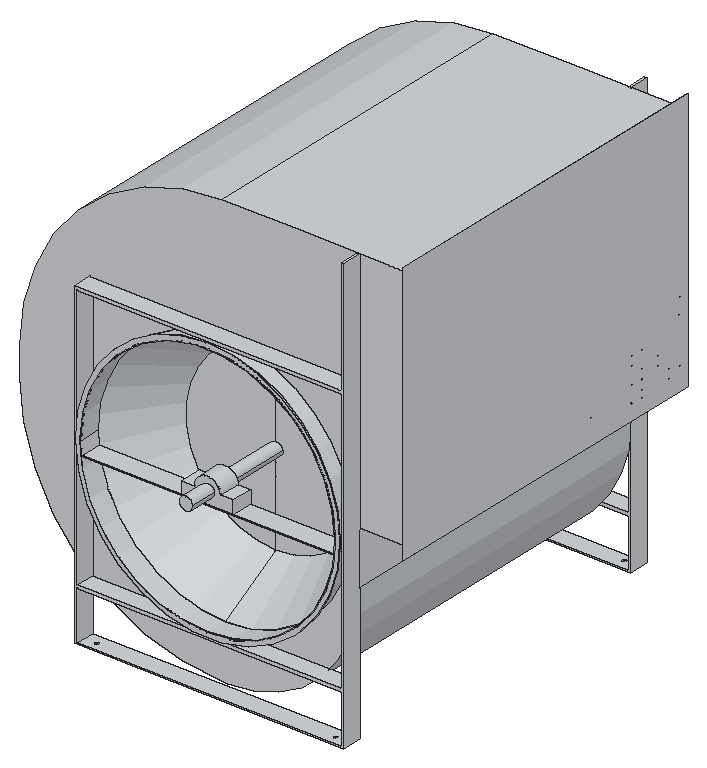
Revit family "CAF_DWDI_CW_THD", category Mechanical Equipment, Revit 2019
Family settings
  Round Connector Dimension = Use Radius
  Part Type = Normal
  Work Plane-Based = No
  Always vertical = Yes
  Cut with Voids When Loaded = No
  Shared = No
  Room Calculation Point = No
Parameters (values of type "730_CAF-DWDI_CW_THD_CLASS_2")
  V+(D-(A+.25"))/2 = V + ((D - (A + 1/4")) / 2)  # 6 1/16"
  V = 3 7/16"
  Unit Weight [instance] = ""
  U-N = U - N  # 5/8"
  U = 9 5/8"
  T/2 = T / 2  # 55 13/16"
  T = 111 5/8"
  Sones [instance] = ""
  SCROLL2 = 41 25/32"
  S/2 = S / 2  # 37"
  S = 74"
  R/2 = R / 2  # 41 25/32"
  R = 83 9/16"
  P = 126 3/4"
  N = 9"
  Motor RPM [instance] = ""
  Motor Enclosure [instance] = ""
  ModelID [instance] = ""
  M = 117 1/8"
  LwA [instance] = ""
  L = 58 9/16"
  K/2 = K / 2  # 17/32"
  K = 1 1/16"
  J = 63 1/2"
  INLET/4 = INLET / 4  # 19 3/4"
  INLET/2 = INLET / 2  # 39 1/2"
  INLET = 79"
  H-J = H - J  # 57 1/4"
  H = 120 3/4"
  G-(R/2) = G - (R / 2)  # 15 13/32"
  G-(INLET/2)-1.625" = G - (INLET / 2) - 1 1/2"  # 16 3/16"
  G+(INLET/2)+1.625" = G + (INLET / 2) + 1 1/2"  # 98 3/16"
  G = 57 3/16"
  Fan RPM [instance] = ""
  F-((D-A-.25")/2) = F - ((D - A - 1/4") / 2)  # 134 9/16"
  F = 137 3/16"
  E/2 = E / 2  # 55 1/16"
  E = 110 1/8"
  D/2 = D / 2  # 40 21/32"
  D = 81 5/16"
  C/2 = C / 2  # 1 31/32"
  C+C = C + C  # 7 7/8"
  C = 3 15/16"
  BOTTOM = J / 2  # 31 3/4"
  B/2 = B / 2  # 52 3/8"
  B+.25" = B + 1/4"  # 105"
  B = 104 3/4"
  Accessories [instance] = ""
  A/2 = A / 2  # 37 29/32"
  A+.25" = A + 1/4"  # 76 1/16"
  A = 75 13/16"
  60 = 60.00°  # constant formula
  3" = 3"  # constant formula
  Brake Hp [instance] = ""
  D/7 = D / 9.5  # 8.55921"
  2' = 24"
  2" = 2"  # constant formula
  1" = 1"  # constant formula
  0 = 0"  # constant formula
  Voltage [instance] = 0 V
  URL = "www.lorencook.com"
  Type Comments = "Centrifugal Airfoil Blower Clockwise Top Horizontal Arrangement 3 Low Profile Class 2"
  Static Pressure [instance] = 0.00 in-wg
  Power [instance] = Voltage * Motor FLA * sqrt(if(Phase = 3, 3, 1))  # 0 VA
  Phase [instance] = 0
  Number of Poles [instance] = 1
  Motor Hp [instance] = "0"
  Motor FLA [instance] = 0 A
  Model = "CAF-DWDI"  # constant formula
  Manufacturer = "Loren Cook Company"
  CFM [instance] = 0 CFM
  1.5 = 1 1/2"  # constant formula
  ONE EIGTH = 1/8"  # constant formula
  -P = -P  # -126 3/4"
  -(B+.25")/2 = -(B + 1/4") / 2  # -52 1/2"
  (M-(B+.25")/2 = (M - (B + 1/4")) / 2  # 6 1/16"
  (INLET/2)-.125" = (INLET / 2) - 1/8"  # 39 3/8"
  (INLET/2)+1.625" = (INLET / 2) + 1 1/2"  # 41"
  (INLET/2)+1.5" = (INLET / 2) + 1 7/16"  # 40 15/16"
  (D-(A+.25"))/2 = (D - (A + 1/4")) / 2  # 2 5/8"
  (B+.25")/2 = (B + 1/4") / 2  # 52 1/2"
  (A+.25")/2 = (A + 1/4") / 2  # 38 1/32"
  ((M+U+U+N+N)-((B+.25")/2))/2 = ((M + U + U - N - N) - ((B + 1/4"))) / 2  # 6 11/16"
Reference planes (in)
  plane 1 "Center (Front/Back)": y = 0
  plane 2: z = 0
  plane 3 "Center (Left/Right)": x = 0.40541
Forms (in)
  Extrusion 1, solid
    sketch origin (0, 0, 0) x (1, 0, 0) y (0, 0, 1)
      loop
        line (-63.09459, 1) -> (42.18666, 1) -> (42.18666, 58.5) -> (57.65541, 58.5) -> (57.65541, 134.5625) -> (-63.09459, 134.5625) -> (-63.09459, 1)
    from -52.5 <- "-(B+.25")/2" to 52.5 <- "(B+.25")/2"
  Revolve 2, void
    sketch origin (0.40541, 0, 0) x (0, 1, 0) y (0, 0, 1)
      loop
        line (52.5, 57.1875) -> (32.75, 57.1875) -> (32.75, 29.09017) -> (52.5, 17.6875) -> (52.5, 57.1875)
      loop
        line (-32.75, 57.1875) -> (-52.5, 57.1875) -> (-52.5, 17.6875) -> (-32.75, 29.09017) -> (-32.75, 57.1875)
      axis (52.5, 57.1875) -> (-52.5, 57.1875)
    angle from 0 to 360
  Extrusion 3, solid
    sketch origin (0, -52.5, 0) x (1, 0, 0) y (0, 0, 1)
      loop
        circle (0.40541, 57.1875) r 39.375
      loop
        circle (0.40541, 57.1875) r 39.5
    from 0 <- "0" to 6.6875 <- "((M+U+U+N+N)-((B+.25")/2))/2"
  Extrusion 4, solid
    sketch origin (0, 52.5, 0) x (-1, 0, 0) y (0, 0, 1)
      loop
        circle (-0.40541, 57.1875) r 39.375
      loop
        circle (-0.40541, 57.1875) r 39.5
    from 0 to 6.6875 <- "((M+U+U+N+N)-((B+.25")/2))/2"
  Extrusion 5, solid
    sketch origin (0, 52.5, 0) x (-1, 0, 0) y (0, 0, 1)
      loop
        line (-42.18666, 0) -> (41.37584, 0) -> (41.37584, 98.96875) -> (-41.40541, 98.96875) -> (-41.40541, 134.5625) -> (-42.18666, 134.5625) -> (-42.18666, 0)
      loop
        line (40.59459, 98.1875) -> (-41.40541, 98.1875) -> (-41.40541, 16.1875) -> (40.59459, 16.1875) -> (40.59459, 98.1875)
      loop
        line (-41.40541, 15.40625) -> (-41.40541, 0.125) -> (40.59459, 0.125) -> (40.59459, 15.40625) -> (-41.40541, 15.40625)
    from 0 to 6.0625 <- "(M-(B+.25")/2"
  Extrusion 6, solid
    sketch origin (0, -52.5, 0) x (1, 0, 0) y (0, 0, 1)
      loop
        line (-41.37584, 98.96875) -> (-41.37584, 0) -> (42.18666, 0) -> (42.18666, 134.5625) -> (41.40541, 134.5625) -> (41.40541, 98.96875) -> (-41.37584, 98.96875)
      loop
        line (41.40541, 0.125) -> (41.40541, 15.40625) -> (-40.59459, 15.40625) -> (-40.59459, 0.125) -> (41.40541, 0.125)
      loop
        line (-40.59459, 16.1875) -> (41.40541, 16.1875) -> (41.40541, 98.1875) -> (-40.59459, 98.1875) -> (-40.59459, 16.1875)
    from 0 to 6.0625 <- "(M-(B+.25")/2"
  Extrusion 7, solid
    sketch origin (0, -52.5, 0) x (1, 0, 0) y (0, 0, 1)
      loop
        arc (-38.77222, 53.25) -> (-38.76589, 53.18749) -> (-38.75945, 53.125) r 39.375
        line (-38.75945, 53.125) -> (39.57028, 53.125)
        arc (39.57028, 53.125) -> (39.57671, 53.18749) -> (39.58304, 53.25) r 39.375
        line (39.58304, 53.25) -> (-38.77222, 53.25)
    from 0 to 6.6875 <- "((M+U+U+N+N)-((B+.25")/2))/2"
  Extrusion 8, solid
    sketch origin (0, 52.5, 0) x (-1, 0, 0) y (0, 0, 1)
      loop
        arc (-39.58304, 53.25) -> (-39.57671, 53.18749) -> (-39.57028, 53.125) r 39.375
        line (-39.57028, 53.125) -> (38.75945, 53.125)
        arc (38.75945, 53.125) -> (38.76589, 53.18749) -> (38.77222, 53.25) r 39.375
        line (38.77222, 53.25) -> (-39.58304, 53.25)
    from 0 to 6.6875 <- "((M+U+U+N+N)-((B+.25")/2))/2"
  Extrusion 9, solid
    sketch origin (0, -52.5, 0) x (1, 0, 0) y (0, 0, 1)
      loop
        arc (4.34291, 57.1875) -> (0.40541, 61.125) -> (-3.53209, 57.1875) r 3.9375
        line (-3.53209, 57.1875) -> (-7.46959, 57.1875) -> (-7.46959, 53.25) -> (8.28041, 53.25) -> (8.28041, 57.1875) -> (4.34291, 57.1875)
    from 0 to 6.6875 <- "((M+U+U+N+N)-((B+.25")/2))/2"
  Extrusion 10, solid
    sketch origin (0, 52.5, 0) x (-1, 0, 0) y (0, 0, 1)
      loop
        arc (3.53209, 57.1875) -> (-0.40541, 61.125) -> (-4.34291, 57.1875) r 3.9375
        line (-4.34291, 57.1875) -> (-8.28041, 57.1875) -> (-8.28041, 53.25) -> (7.46959, 53.25) -> (7.46959, 57.1875) -> (3.53209, 57.1875)
    from 0 to 6.6875 <- "((M+U+U+N+N)-((B+.25")/2))/2"
  Extrusion 11, solid
    sketch origin (0, 59.1875, 0) x (-1, 0, 0) y (0, 0, 1)
      loop
        circle (-0.40541, 57.1875) r 1.96875
    from 0 to -126.75 <- "-P"
  Extrusion 12, solid
    sketch origin (0, 59.1875, 0) x (-1, 0, 0) y (0, 0, 1)
      loop
        circle (-0.40541, 57.1875) r 39.5
      loop
        circle (-0.40541, 57.1875) r 40.9375
    from 0 to -0.125
  Extrusion 13, solid
    sketch origin (0, -59.1875, 0) x (1, 0, 0) y (0, 0, 1)
      loop
        circle (0.40541, 57.1875) r 39.5
      loop
        circle (0.40541, 57.1875) r 40.9375
    from 0 to -0.125
  Extrusion 14, void
    sketch origin (0, 0, 0) x (1, 0, 0) y (0, 1, 0)
      loop
        circle (37.40541, 55.8125) r 0.53125
      loop
        circle (-36.59459, 55.8125) r 0.53125
      loop
        circle (-36.59459, -55.8125) r 0.53125
      loop
        circle (37.40541, -55.8125) r 0.53125
    from 0 to 0.125
  Extrusion 15, void
    sketch origin (0, 0, 0) x (1, 0, 0) y (0, 0, 1)
      loop
        line (25.90541, 134.5625) -> (25.90541, 137.5625) -> (-66.09459, 137.5625) -> (-66.09459, -3) -> (57.65541, -3) -> (57.65541, 58.5) -> (42.18666, 58.5) -> (42.18666, 41.78125)
        arc (42.18666, 41.78125) -> (30.24211, 12.94455) -> (1.40541, 1) r 40.78125
        line (1.40541, 1) -> (-0.59459, 1)
        arc (-0.59459, 1) -> (-44.78876, 19.30583) -> (-63.09459, 63.5) r 62.5
        line (-63.09459, 63.5) -> (-63.09459, 72.0625)
        arc (-63.09459, 72.0625) -> (-44.78876, 116.25667) -> (-0.59459, 134.5625) r 62.5
        line (-0.59459, 134.5625) -> (25.90541, 134.5625)
    from -52.5 <- "-(B+.25")/2" to 52.5 <- "(B+.25")/2"
  Extrusion 16, solid
    sketch origin (57.65541, 0, 58.5) x (0, 0, 1) y (0, -1, 0)
      loop
        line (78.6875, 55.0625) -> (-2.625, 55.0625) -> (-2.625, -55.0625) -> (78.6875, -55.0625) -> (78.6875, 55.0625)
    from 0 to -0.125
Cuts and joins
  Revolve 2, Extrusion 15 cuts Extrusion 1
  Extrusion 14, Extrusion 15 cuts Extrusion 5
  Extrusion 14, Extrusion 15 cuts Extrusion 6
  Extrusion 15 cuts Extrusion 3
  Extrusion 15 cuts Extrusion 4
  Extrusion 15 cuts Extrusion 7
  Extrusion 15 cuts Extrusion 8
  Extrusion 15 cuts Extrusion 9
  Extrusion 15 cuts Extrusion 10
  Extrusion 15 cuts Extrusion 11
Dimensions and locks (in)
  "J": plane 3 "Center (Left/Right)" to Extrusion 1 sketch curve
  "F-((D-A-.25")/2)": Extrusion 1 sketch curve to level
  "0": Revolve 2 sketch curve to cut or joined group of Extrusion 1, Revolve 2, Extrusion 15  (x2)
  "INLET/4": cut or joined group of Extrusion 1, Revolve 2, Extrusion 15 to Revolve 2 sketch curve
  "G": level to Revolve 2 sketch curve  (x2)
  "INLET/2": Revolve 2 sketch curve to Revolve 2 sketch curve  (x2)
  "G": Revolve 2 sketch curve to level
  "INLET/4": Revolve 2 sketch curve to Revolve 2 sketch curve
  "0": Extrusion 3 sketch curve to plane 3 "Center (Left/Right)"  (x2)
  "G": Extrusion 3 sketch curve to level  (x2)
  "G": level to Extrusion 4 sketch curve  (x2)
  "0": Extrusion 4 sketch curve to plane 3 "Center (Left/Right)"  (x2)
  "R/2": Extrusion 5 sketch curve to plane 3 "Center (Left/Right)"
  "R/2": plane 3 "Center (Left/Right)" to Extrusion 5 sketch curve
  "R": Extrusion 5 sketch curve to Extrusion 5 sketch curve
  "G-(R/2)": level to Extrusion 5 sketch curve
  "ONE EIGTH": Extrusion 5 sketch curve to Extrusion 5 sketch curve
  "0": Extrusion 6 sketch curve to Extrusion 5  (x3)
  "0": Extrusion 5 to Extrusion 6 sketch curve  (x3)
  "0": Extrusion 7 sketch curve to plane 3 "Center (Left/Right)"  (x2)
  "G": Extrusion 7 sketch curve to level  (x2)
  "C": Extrusion 7 sketch curve to Extrusion 7 sketch curve
  "ONE EIGTH": Extrusion 7 sketch curve to Extrusion 7 sketch curve
  "0": Extrusion 8 sketch curve to plane 3 "Center (Left/Right)"  (x2)
  "G": level to Extrusion 8 sketch curve  (x2)
  "C": Extrusion 8 sketch curve to Extrusion 8 sketch curve
  "ONE EIGTH": Extrusion 8 sketch curve to Extrusion 8 sketch curve
  "0": Extrusion 9 sketch curve to Extrusion 7
  "G": Extrusion 9 sketch curve to level
  "0": Extrusion 9 sketch curve to Extrusion 9 sketch curve  (x2)
  "C+C": Extrusion 9 sketch curve to plane 3 "Center (Left/Right)"  (x2)
  "0": Extrusion 8 to Extrusion 10 sketch curve
  "0": Extrusion 10 sketch curve to Extrusion 10 sketch curve  (x2)
  "0": Extrusion 10 sketch curve to plane 3 "Center (Left/Right)"
  "G": level to Extrusion 10 sketch curve
  "C+C": Extrusion 10 sketch curve to plane 3 "Center (Left/Right)"
  "C+C": plane 3 "Center (Left/Right)" to Extrusion 10 sketch curve
  "0": Extrusion 11 sketch curve to plane 3 "Center (Left/Right)"
  "G": level to Extrusion 11 sketch curve
  "0": level to Extrusion 5 sketch curve
  "0": plane 3 "Center (Left/Right)" to Extrusion 9 sketch curve
  "(INLET/2)+1.625"": plane 3 "Center (Left/Right)" to Extrusion 6 sketch curve  (x2)
  "(INLET/2)+1.625"": Extrusion 6 sketch curve to plane 3 "Center (Left/Right)"  (x3)
  "G+(INLET/2)+1.625"": Extrusion 6 sketch curve to level
  "G-(INLET/2)-1.625"": Extrusion 6 sketch curve to level
  "(INLET/2)+1.625"": Extrusion 5 sketch curve to plane 3 "Center (Left/Right)"  (x2)
  "(INLET/2)+1.625"": plane 3 "Center (Left/Right)" to Extrusion 5 sketch curve  (x3)
  "G-(INLET/2)-1.625"": level to Extrusion 5 sketch curve
  "G+(INLET/2)+1.625"": level to Extrusion 5 sketch curve
  "0": Extrusion 12 sketch curve to plane 3 "Center (Left/Right)"  (x2)
  "G": level to Extrusion 12 sketch curve  (x2)
  "0": Extrusion 13 sketch curve to plane 3 "Center (Left/Right)"  (x2)
  "G": Extrusion 13 sketch curve to level  (x2)
  "1"": Extrusion 1 sketch curve to level
  "T/2": plane 1 "Center (Front/Back)" to Extrusion 14 sketch curve  (x4)
  "S/2": plane 3 "Center (Left/Right)" to Extrusion 14 sketch curve  (x4)
  "A+.25"": Extrusion 1 sketch curve to Extrusion 1 sketch curve
  "H": Extrusion 1 sketch curve to Extrusion 1 sketch curve
  "0": Extrusion 6 sketch curve to cut or joined group of Extrusion 1, Revolve 2, Extrusion 15
  "0": Extrusion 5 sketch curve to cut or joined group of Extrusion 1, Revolve 2, Extrusion 15
  Extrusion 5 sketch curve to cut or joined group of Extrusion 5, Extrusion 14, Extrusion 15 = 0"
  "3"": Extrusion 15 sketch curve to cut or joined group of Extrusion 1, Revolve 2, Extrusion 15  (x2)
  "3"": level to Extrusion 15 sketch curve
  "0": cut or joined group of Extrusion 1, Revolve 2, Extrusion 15 to Extrusion 15 sketch curve  (x2)
  "BOTTOM": cut or joined group of Extrusion 1, Revolve 2, Extrusion 15 to Extrusion 15 sketch curve
  "0": Extrusion 15 sketch curve to cut or joined group of Extrusion 1, Revolve 2, Extrusion 15  (x4)
  "F": level to Extrusion 16 sketch curve
  "D": Extrusion 16 sketch curve to Extrusion 16 sketch curve
  "E/2": Extrusion 16 sketch curve to plane 1 "Center (Front/Back)"
  "E/2": plane 1 "Center (Front/Back)" to Extrusion 16 sketch curve
  "SCROLL2": Extrusion 1 sketch curve to plane 3 "Center (Left/Right)"
  "1"": Extrusion 15 sketch curve to plane 3 "Center (Left/Right)"
  "1"": plane 3 "Center (Left/Right)" to Extrusion 15 sketch curve  (x2)
  "INLET/2": radius of Extrusion 3 sketch curve
  "(INLET/2)-.125"": radius of Extrusion 3 sketch curve
  "INLET/2": radius of Extrusion 4 sketch curve
  "(INLET/2)-.125"": radius of Extrusion 4 sketch curve
  "(INLET/2)-.125"": radius of Extrusion 7 sketch curve  (x2)
  "(INLET/2)-.125"": radius of Extrusion 8 sketch curve  (x2)
  "C": radius of Extrusion 9 sketch curve
  "C": radius of Extrusion 10 sketch curve
  "C/2": radius of Extrusion 11 sketch curve
  "(INLET/2)+1.5"": radius of Extrusion 12 sketch curve
  "INLET/2": radius of Extrusion 12 sketch curve
  "(INLET/2)+1.5"": radius of Extrusion 13 sketch curve
  "INLET/2": radius of Extrusion 13 sketch curve
  "K/2": radius of Extrusion 14 sketch curve  (x4)
  "60": angle Revolve 2 sketch curve to cut or joined group of Extrusion 1, Revolve 2, Extrusion 15
  "60": angle cut or joined group of Extrusion 1, Revolve 2, Extrusion 15 to Revolve 2 sketch curve
Automatic sketch dimensions
  Revolve 2 sketch curve to Revolve 2 sketch curve = 0"  (x2)
Connectors (in)
  hvac at (0.40541, -59.0625, 57.1875), driven by "INLET/2"
    settings: on Extrusion 13, index 2, duct flow 0 CFM, flow factor 0, pres drop 0.00 in-wg, loss coef 0, conn angle 0.00°, conn width 12", conn height 12", conn diameter 79", duct sys type 29, conn prof type 0, flow config 0, flow direction 1, loss method 0, conn ref index -1, conn util no, is conn primary no, conn desc ""
  hvac at (0.40541, 59.1875, 57.1875), driven by "INLET/2"
    settings: on Extrusion 4, index 3, duct flow 0 CFM, flow factor 0, pres drop 0.00 in-wg, loss coef 0, conn angle 0.00°, conn width 12", conn height 12", conn diameter 79", duct sys type 29, conn prof type 0, flow config 0, flow direction 1, loss method 0, conn ref index -1, conn util no, is conn primary no, conn desc ""
  hvac at (57.65541, 0, 96.53125), driven by "B", driven by "A", driven by "CFM"
    settings: on cut or joined group of Extrusion 1, Revolve 2, Extrusion 15, index 4, duct flow 0 CFM, flow factor 0, pres drop 0.00 in-wg, loss coef 0, conn angle 0.00°, conn width 104 3/4", conn height 75 13/16", conn diameter 24", duct sys type 29, conn prof type 1, flow config 0, flow direction 2, loss method 0, conn ref index -1, conn util no, is conn primary yes, conn desc ""
Types (59): name | V+(D-(A+.25"))/2 | V | U-N | U | T/2 | T | SCROLL2 | S/2 | S | R/2 | R | P | N | M | L | K/2 | K | J | INLET/4 | INLET/2 | INLET | H-J | H | G-(R/2) | G-(INLET/2)-1.625" | G+(INLET/2)+1.625" | G | F-((D-A-.25")/2) | F | E/2 | E | D/2 | D | C/2 | C+C | C | BOTTOM | B/2 | B+.25" | B | A/2 | A+.25" | A | D/7 | Type Comments | -P | -(B+.25")/2 | (M-(B+.25")/2 | (INLET/2)-.125" | (INLET/2)+1.625" | (INLET/2)+1.5" | (D-(A+.25"))/2 | (B+.25")/2 | (A+.25")/2 | ((M+U+U+N+N)-((B+.25")/2))/2
  (no name) | 6 1/16" | 3 7/16" | 5/8" | 9 5/8" | 55 13/16" | 111 5/8" | 41 25/32" | 37" | 74" | 41 25/32" | 83 9/16" | 126 3/4" | 9" | 117 1/8" | 58 9/16" | 17/32" | 1 1/16" | 63 1/2" | 19 3/4" | 39 1/2" | 79" | 57 1/4" | 120 3/4" | 15 13/32" | 16 3/16" | 98 3/16" | 57 3/16" | 134 9/16" | 137 3/16" | 55 1/16" | 110 1/8" | 40 21/32" | 81 5/16" | 1 31/32" | 7 7/8" | 3 15/16" | 31 3/4" | 52 3/8" | 105" | 104 3/4" | 37 29/32" | 76 1/16" | 75 13/16" | 8.55921" | "Centrifugal Airfoil Blower Clockwise Top Horizontal Arrangement 3 Low Profile Class 2" | -126 3/4" | -52 1/2" | 6 1/16" | 39 3/8" | 41" | 40 15/16" | 2 5/8" | 52 1/2" | 38 1/32" | 6 11/16"
  120_CAF-DWDI_CW_THD_CLASS_1 | 1 15/16" | 1" | 1 9/16" | 4 5/16" | 9 3/4" | 19 1/2" | 9" | 7 7/16" | 14 7/8" | 9 5/8" | 19 1/4" | 26 11/16" | 2 3/4" | 20 13/16" | 10 7/16" | 9/32" | 9/16" | 10 7/16" | 4 1/32" | 8 1/16" | 16 1/8" | 9 5/8" | 20 1/16" | 9/16" | 5/8" | 19 3/4" | 10 3/16" | 23" | 23 15/16" | 9 29/32" | 19 13/16" | 7 1/8" | 14 1/4" | 23/32" | 2 7/8" | 1 7/16" | 5 7/32" | 8 27/32" | 17 15/16" | 17 11/16" | 6 1/16" | 12 3/8" | 12 1/8" | 1 1/2" | "Centrifugal Airfoil Blower Clockwise Top Horizontal Arrangement 3 Low Profile Class 1" | -26 11/16" | -8 31/32" | 1 7/16" | 7 15/16" | 9 9/16" | 9 1/2" | 15/16" | 8 31/32" | 6 3/16" | 3"
  135_CAF-DWDI_CW_THD_CLASS_1 | 1 15/16" | 1" | 1 9/16" | 4 5/16" | 10 7/8" | 21 3/4" | 10 1/2" | 8 5/16" | 16 5/8" | 10 1/2" | 21" | 28 15/16" | 2 3/4" | 23 1/16" | 11 9/16" | 9/32" | 9/16" | 11 3/4" | 4 13/32" | 8 13/16" | 17 5/8" | 10 13/16" | 22 9/16" | 13/16" | 1" | 21 5/8" | 11 5/16" | 25 3/4" | 26 11/16" | 11 1/32" | 22 1/16" | 7 7/8" | 15 3/4" | 23/32" | 2 7/8" | 1 7/16" | 5 7/8" | 9 31/32" | 20 3/16" | 19 15/16" | 6 13/16" | 13 7/8" | 13 5/8" | 1.65789" | "Centrifugal Airfoil Blower Clockwise Top Horizontal Arrangement 3 Low Profile Class 1" | -28 15/16" | -10 3/32" | 1 7/16" | 8 11/16" | 10 5/16" | 10 1/4" | 15/16" | 10 3/32" | 6 15/16" | 3"
  150_CAF-DWDI_CW_THD_CLASS_1 | 1 15/16" | 1" | 1 1/16" | 4 7/16" | 12 3/16" | 24 3/8" | 11 1/4" | 8 7/8" | 17 3/4" | 11 1/4" | 22 1/2" | 31 5/8" | 3 3/8" | 26 1/8" | 13 1/16" | 9/32" | 9/16" | 13 1/16" | 4 25/32" | 9 9/16" | 19 1/8" | 12" | 25 1/16" | 1 3/16" | 1 3/8" | 23 1/2" | 12 7/16" | 28 7/16" | 29 3/8" | 12 1/16" | 24 1/8" | 8 11/16" | 17 3/8" | 23/32" | 2 7/8" | 1 7/16" | 6 17/32" | 11" | 22 1/4" | 22" | 7 5/8" | 15 1/2" | 15 1/4" | 1.82895" | "Centrifugal Airfoil Blower Clockwise Top Horizontal Arrangement 3 Low Profile Class 1" | -31 5/8" | -11 1/8" | 1 15/16" | 9 7/16" | 11 1/16" | 11" | 15/16" | 11 1/8" | 7 3/4" | 3"
  165_CAF-DWDI_CW_THD_CLASS_1 | 1 15/16" | 1" | 1 1/16" | 4 7/16" | 13 3/16" | 26 3/8" | 12 1/8" | 9 3/4" | 19 1/2" | 12 1/8" | 24 1/4" | 33 11/16" | 3 3/8" | 28 1/8" | 14 1/16" | 15/32" | 15/16" | 14 3/8" | 5 19/64" | 10 19/32" | 21 3/16" | 13 1/8" | 27 1/2" | 1 7/16" | 1 15/32" | 25 21/32" | 13 9/16" | 31 1/8" | 32 1/16" | 13 1/16" | 26 1/8" | 9 17/32" | 19 1/16" | 27/32" | 3 3/8" | 1 11/16" | 7 3/16" | 12" | 24 1/4" | 24" | 8 15/32" | 17 3/16" | 16 15/16" | 2.00658" | "Centrifugal Airfoil Blower Clockwise Top Horizontal Arrangement 3 Low Profile Class 1" | -33 11/16" | -12 1/8" | 1 15/16" | 10 15/32" | 12 3/32" | 12 1/32" | 15/16" | 12 1/8" | 8 19/32" | 3"
  180_CAF-DWDI_CW_THD_CLASS_1 | 1 15/16" | 1" | 1 1/16" | 4 13/16" | 14 7/32" | 28 7/16" | 13 3/8" | 10 1/2" | 21" | 13 3/8" | 26 3/4" | 36 1/8" | 3 3/4" | 30 3/16" | 15 1/8" | 15/32" | 15/16" | 15 11/16" | 5 43/64" | 11 11/32" | 22 11/16" | 14 5/16" | 30" | 1 3/8" | 1 29/32" | 27 19/32" | 14 3/4" | 33 15/16" | 34 7/8" | 14 3/32" | 28 3/16" | 10 5/16" | 20 5/8" | 27/32" | 3 3/8" | 1 11/16" | 7 27/32" | 13 1/32" | 26 5/16" | 26 1/16" | 9 1/4" | 18 3/4" | 18 1/2" | 2.17105" | "Centrifugal Airfoil Blower Clockwise Top Horizontal Arrangement 3 Low Profile Class 1" | -36 1/8" | -13 5/32" | 1 15/16" | 11 7/32" | 12 27/32" | 12 25/32" | 15/16" | 13 5/32" | 9 3/8" | 3"
  195_CAF-DWDI_CW_THD_CLASS_1 | 1 31/32" | 1" | 1 1/16" | 4 13/16" | 15 13/32" | 30 13/16" | 14 1/4" | 11 3/8" | 22 3/4" | 14 1/4" | 28 1/2" | 38 1/2" | 3 3/4" | 32 9/16" | 16 5/16" | 15/32" | 15/16" | 16 15/16" | 6 3/64" | 12 3/32" | 24 3/16" | 15 1/2" | 32 7/16" | 1 5/8" | 2 9/32" | 29 15/32" | 15 7/8" | 36 21/32" | 37 5/8" | 15 5/16" | 30 5/8" | 10 27/32" | 21 11/16" | 27/32" | 3 3/8" | 1 11/16" | 8 15/32" | 14 7/32" | 28 11/16" | 28 7/16" | 9 3/4" | 19 3/4" | 19 1/2" | 2.28289" | "Centrifugal Airfoil Blower Clockwise Top Horizontal Arrangement 3 Low Profile Class 1" | -38 1/2" | -14 11/32" | 1 15/16" | 11 31/32" | 13 19/32" | 13 17/32" | 31/32" | 14 11/32" | 9 7/8" | 3"
  210_CAF-DWDI_CW_THD_CLASS_1 | 1 31/32" | 1" | 2 1/16" | 5 13/16" | 16 3/8" | 32 3/4" | 15" | 12 1/8" | 24 1/4" | 15" | 30" | 41 7/16" | 3 3/4" | 34 1/2" | 17 1/4" | 15/32" | 15/16" | 18 1/4" | 6 31/64" | 12 31/32" | 25 15/16" | 16 11/16" | 34 15/16" | 2" | 2 17/32" | 31 15/32" | 17" | 39 13/32" | 40 3/8" | 16 9/32" | 32 9/16" | 11 29/32" | 23 13/16" | 27/32" | 3 3/8" | 1 11/16" | 9 1/8" | 15 3/16" | 30 5/8" | 30 3/8" | 10 13/16" | 21 7/8" | 21 5/8" | 2.50658" | "Centrifugal Airfoil Blower Clockwise Top Horizontal Arrangement 3 Low Profile Class 1" | -41 7/16" | -15 5/16" | 1 15/16" | 12 27/32" | 14 15/32" | 14 13/32" | 31/32" | 15 5/16" | 10 15/16" | 4"
  225_CAF-DWDI_CW_THD_CLASS_1 | 2 15/32" | 1" | 2 1/16" | 6 5/16" | 17 7/16" | 34 7/8" | 15 7/8" | 13" | 26" | 15 7/8" | 31 3/4" | 44 1/16" | 4 1/4" | 36 5/8" | 18 5/16" | 15/32" | 15/16" | 19 9/16" | 6 55/64" | 13 23/32" | 27 7/16" | 17 13/16" | 37 3/8" | 2 5/16" | 2 31/32" | 33 13/32" | 18 3/16" | 42 5/32" | 43 5/8" | 17 27/32" | 35 11/16" | 13 3/16" | 26 3/8" | 31/32" | 3 7/8" | 1 15/16" | 9 25/32" | 16 1/4" | 32 3/4" | 32 1/2" | 11 19/32" | 23 7/16" | 23 3/16" | 2.77632" | "Centrifugal Airfoil Blower Clockwise Top Horizontal Arrangement 3 Low Profile Class 1" | -44 1/16" | -16 3/8" | 1 15/16" | 13 19/32" | 15 7/32" | 15 5/32" | 1 15/32" | 16 3/8" | 11 23/32" | 4"
  245_CAF-DWDI_CW_THD_CLASS_1 | 2 15/32" | 1" | 2 1/16" | 6 5/16" | 18 23/32" | 37 7/16" | 16 7/8" | 14" | 28" | 16 7/8" | 33 3/4" | 46 5/8" | 4 1/4" | 39 3/16" | 19 5/8" | 15/32" | 15/16" | 21 5/16" | 7 23/64" | 14 23/32" | 29 7/16" | 19 3/8" | 40 11/16" | 2 13/16" | 3 15/32" | 35 29/32" | 19 11/16" | 45 25/32" | 47 1/4" | 19 1/8" | 38 1/4" | 14 11/32" | 28 11/16" | 31/32" | 3 7/8" | 1 15/16" | 10 21/32" | 17 17/32" | 35 5/16" | 35 1/16" | 12 3/4" | 25 3/4" | 25 1/2" | 3.01974" | "Centrifugal Airfoil Blower Clockwise Top Horizontal Arrangement 3 Low Profile Class 1" | -46 5/8" | -17 21/32" | 1 15/16" | 14 19/32" | 16 7/32" | 16 5/32" | 1 15/32" | 17 21/32" | 12 7/8" | 4"
  270_CAF-DWDI_CW_THD_CLASS_1 | 2 15/32" | 1" | 2 1/16" | 6 5/16" | 21 5/32" | 42 5/16" | 18 3/4" | 15 1/8" | 30 1/4" | 18 3/4" | 37 1/2" | 51 1/2" | 4 1/4" | 44 9/16" | 22 5/16" | 15/32" | 15/16" | 23 1/2" | 7 63/64" | 15 31/32" | 31 15/16" | 21 5/16" | 44 13/16" | 2 7/8" | 4 5/32" | 39 3/32" | 21 5/8" | 50 11/32" | 51 13/16" | 21 5/16" | 42 5/8" | 15 11/32" | 30 11/16" | 1 3/32" | 4 3/8" | 2 3/16" | 11 3/4" | 19 23/32" | 39 11/16" | 39 7/16" | 13 3/4" | 27 3/4" | 27 1/2" | 3.23026" | "Centrifugal Airfoil Blower Clockwise Top Horizontal Arrangement 3 Low Profile Class 1" | -51 1/2" | -19 27/32" | 2 7/16" | 15 27/32" | 17 15/32" | 17 13/32" | 1 15/32" | 19 27/32" | 13 7/8" | 4 1/2"
  300_CAF-DWDI_CW_THD_CLASS_1 | 2 15/32" | 1" | 2 1/8" | 6 3/8" | 22 15/16" | 45 7/8" | 20 1/4" | 16 5/8" | 33 1/4" | 20 1/4" | 40 1/2" | 55 1/8" | 4 1/4" | 48 1/8" | 24 1/16" | 15/32" | 15/16" | 26 1/16" | 8 47/64" | 17 15/32" | 34 15/16" | 23 11/16" | 49 3/4" | 3 5/8" | 4 29/32" | 42 27/32" | 23 7/8" | 55 25/32" | 57 1/4" | 23 3/32" | 46 3/16" | 17 3/16" | 34 3/8" | 1 3/32" | 4 3/8" | 2 3/16" | 13 1/32" | 21 1/2" | 43 1/4" | 43" | 15 19/32" | 31 7/16" | 31 3/16" | 3.61842" | "Centrifugal Airfoil Blower Clockwise Top Horizontal Arrangement 3 Low Profile Class 1" | -55 1/8" | -21 5/8" | 2 7/16" | 17 11/32" | 18 31/32" | 18 29/32" | 1 15/32" | 21 5/8" | 15 23/32" | 4 9/16"
  330_CAF-DWDI_CW_THD_CLASS_1 | 3" | 1" | 1 5/8" | 6" | 25 9/32" | 50 9/16" | 20 25/32" | 18 1/16" | 36 1/8" | 20 25/32" | 41 9/16" | 59 5/16" | 4 3/8" | 53 3/16" | 26 5/8" | 15/32" | 15/16" | 28 11/16" | 9 31/64" | 18 31/32" | 37 15/16" | 26" | 54 11/16" | 5 13/32" | 5 23/32" | 46 21/32" | 26 3/16" | 61 1/4" | 63 1/4" | 25 21/32" | 51 5/16" | 19 3/8" | 38 3/4" | 1 7/32" | 4 7/8" | 2 7/16" | 14 11/32" | 23 17/32" | 47 5/16" | 47 1/16" | 17 1/4" | 34 3/4" | 34 1/2" | 4.07895" | "Centrifugal Airfoil Blower Clockwise Top Horizontal Arrangement 3 Low Profile Class 1" | -59 5/16" | -23 21/32" | 2 15/16" | 18 27/32" | 20 15/32" | 20 13/32" | 2" | 23 21/32" | 17 3/8" | 4 9/16"
  365_CAF-DWDI_CW_THD_CLASS_1 | 3" | 1" | 2 1/8" | 6 7/8" | 27 27/32" | 55 11/16" | 22 21/32" | 19 15/16" | 39 7/8" | 22 21/32" | 45 5/16" | 65 5/16" | 4 3/4" | 58 5/16" | 29 3/16" | 15/32" | 15/16" | 31 3/4" | 10 23/64" | 20 23/32" | 41 7/16" | 28 3/4" | 60 1/2" | 6 7/32" | 6 21/32" | 51 3/32" | 28 7/8" | 67 5/8" | 69 5/8" | 28 7/32" | 56 7/16" | 21 15/32" | 42 15/16" | 1 11/32" | 5 3/8" | 2 11/16" | 15 7/8" | 26 3/32" | 52 7/16" | 52 3/16" | 19 11/32" | 38 15/16" | 38 11/16" | 4.51974" | "Centrifugal Airfoil Blower Clockwise Top Horizontal Arrangement 3 Low Profile Class 1" | -65 5/16" | -26 7/32" | 2 15/16" | 20 19/32" | 22 7/32" | 22 5/32" | 2" | 26 7/32" | 19 15/32" | 5 1/16"
  402_CAF-DWDI_CW_THD_CLASS_1 | 3 31/32" | 1 15/16" | 1 1/8" | 6" | 31 7/32" | 62 7/16" | 24 27/32" | 21 1/2" | 43" | 24 27/32" | 49 11/16" | 71 15/16" | 4 7/8" | 65 15/16" | 33" | 15/32" | 15/16" | 34 15/16" | 11 19/64" | 22 19/32" | 45 3/16" | 31 5/8" | 66 9/16" | 6 27/32" | 7 19/32" | 55 25/32" | 31 11/16" | 74 11/32" | 76 3/8" | 31" | 62" | 23 1/32" | 46 1/16" | 1 15/32" | 5 7/8" | 2 15/16" | 17 15/32" | 28 29/32" | 58 1/16" | 57 13/16" | 20 7/8" | 42" | 41 3/4" | 4.84868" | "Centrifugal Airfoil Blower Clockwise Top Horizontal Arrangement 3 Low Profile Class 1" | -71 15/16" | -29 1/32" | 3 15/16" | 22 15/32" | 24 3/32" | 24 1/32" | 2 1/32" | 29 1/32" | 21" | 5 1/16"
  445_CAF-DWDI_CW_THD_CLASS_1 | 4" | 1 15/16" | 1 1/8" | 6 7/8" | 34 15/32" | 68 15/16" | 26 31/32" | 23 5/8" | 47 1/4" | 26 31/32" | 53 15/16" | 79 5/16" | 5 3/4" | 72 7/16" | 36 1/4" | 17/32" | 1 1/16" | 38 11/16" | 12 23/64" | 24 23/32" | 49 7/16" | 35" | 73 11/16" | 7 31/32" | 8 23/32" | 61 5/32" | 34 15/16" | 82 1/8" | 84 3/16" | 34 9/32" | 68 9/16" | 25 5/32" | 50 5/16" | 1 15/32" | 5 7/8" | 2 15/16" | 19 11/32" | 32 1/8" | 64 1/2" | 64 1/4" | 22 31/32" | 46 3/16" | 45 15/16" | 5.29605" | "Centrifugal Airfoil Blower Clockwise Top Horizontal Arrangement 3 Low Profile Class 1" | -79 5/16" | -32 1/4" | 3 31/32" | 24 19/32" | 26 7/32" | 26 5/32" | 2 1/16" | 32 1/4" | 23 3/32" | 5 3/32"
  490_CAF-DWDI_CW_THD_CLASS_1 | 4" | 1 15/16" | 1 1/8" | 7" | 37 13/32" | 74 13/16" | 29 11/32" | 26" | 52" | 29 11/32" | 58 11/16" | 85 5/16" | 5 7/8" | 78 5/16" | 39 3/16" | 17/32" | 1 1/16" | 42 9/16" | 13 3/4" | 27 1/2" | 55" | 38 9/16" | 81 1/8" | 9 1/32" | 9 3/8" | 67 3/8" | 38 3/8" | 90 5/16" | 92 3/8" | 37 7/32" | 74 7/16" | 27 11/16" | 55 3/8" | 1 23/32" | 6 7/8" | 3 7/16" | 21 9/32" | 35 1/16" | 70 3/8" | 70 1/8" | 25 1/2" | 51 1/4" | 51" | 5.82895" | "Centrifugal Airfoil Blower Clockwise Top Horizontal Arrangement 3 Low Profile Class 1" | -85 5/16" | -35 3/16" | 3 31/32" | 27 3/8" | 29" | 28 15/16" | 2 1/16" | 35 3/16" | 25 5/8" | 5 3/32"
  540_CAF-DWDI_CW_THD_CLASS_1 | 4" | 1 15/16" | 1 1/8" | 7 3/8" | 41 5/16" | 82 5/8" | 31 27/32" | 28 1/2" | 57" | 31 27/32" | 63 11/16" | 93 1/2" | 6 1/4" | 86 1/8" | 43 1/16" | 17/32" | 1 1/16" | 46 15/16" | 15" | 30" | 60" | 42 7/16" | 89 3/8" | 10 15/32" | 10 13/16" | 73 13/16" | 42 5/16" | 99 9/16" | 101 5/8" | 41 3/32" | 82 3/16" | 30 1/16" | 60 1/8" | 1 15/32" | 5 7/8" | 2 15/16" | 23 15/32" | 38 31/32" | 78 3/16" | 77 15/16" | 27 7/8" | 56" | 55 3/4" | 6.32895" | "Centrifugal Airfoil Blower Clockwise Top Horizontal Arrangement 3 Low Profile Class 1" | -93 1/2" | -39 3/32" | 3 31/32" | 29 7/8" | 31 1/2" | 31 7/16" | 2 1/16" | 39 3/32" | 28" | 5 3/32"
  600_CAF-DWDI_CW_THD_CLASS_1 | 5" | 2 15/16" | 1/8" | 6 3/8" | 46" | 92" | 35" | 31" | 62" | 35" | 70" | 102 7/8" | 6 1/4" | 96 1/2" | 48 1/4" | 17/32" | 1 1/16" | 52 3/16" | 16 1/2" | 33" | 66" | 47 1/8" | 99 5/16" | 12" | 12 1/2" | 81 1/2" | 47" | 110 5/8" | 112 11/16" | 45 9/32" | 90 9/16" | 33 9/32" | 66 9/16" | 1 15/32" | 5 7/8" | 2 15/16" | 26 3/32" | 43 1/8" | 86 1/2" | 86 1/4" | 31 3/32" | 62 7/16" | 62 3/16" | 7.00658" | "Centrifugal Airfoil Blower Clockwise Top Horizontal Arrangement 3 Low Profile Class 1" | -102 7/8" | -43 1/4" | 5" | 32 7/8" | 34 1/2" | 34 7/16" | 2 1/16" | 43 1/4" | 31 7/32" | 5 1/8"
  660_CAF-DWDI_CW_THD_CLASS_1 | 6" | 3 15/16" | 5/8" | 10" | 50 13/16" | 101 5/8" | 38 9/32" | 33 1/2" | 67" | 38 9/32" | 76 9/16" | 117 1/8" | 9 3/8" | 107 1/8" | 53 9/16" | 17/32" | 1 1/16" | 57 3/8" | 18" | 36" | 72" | 51 13/16" | 109 3/16" | 13 13/32" | 14 3/16" | 89 3/16" | 51 11/16" | 121 11/16" | 123 3/4" | 49 5/8" | 99 1/4" | 36 13/32" | 72 13/16" | 1 23/32" | 6 7/8" | 3 7/16" | 28 11/16" | 47 7/16" | 95 1/8" | 94 7/8" | 34 7/32" | 68 11/16" | 68 7/16" | 7.66447" | "Centrifugal Airfoil Blower Clockwise Top Horizontal Arrangement 3 Low Profile Class 1" | -117 1/8" | -47 9/16" | 6" | 35 7/8" | 37 1/2" | 37 7/16" | 2 1/16" | 47 9/16" | 34 11/32" | 6 5/8"
  730_CAF-DWDI_CW_THD_CLASS_1 | 6" | 3 7/16" | 5/8" | 10" | 55 3/4" | 111 1/2" | 41 25/32" | 37" | 74" | 41 25/32" | 83 9/16" | 127" | 9 3/8" | 117" | 58 1/2" | 17/32" | 1 1/16" | 63 7/16" | 19 3/4" | 39 1/2" | 79" | 57 1/4" | 120 11/16" | 15 13/32" | 16 3/16" | 98 3/16" | 57 3/16" | 134 9/16" | 137 1/8" | 55 1/16" | 110 1/8" | 40 19/32" | 81 3/16" | 1 23/32" | 6 7/8" | 3 7/16" | 31 23/32" | 52 3/8" | 105" | 104 3/4" | 37 29/32" | 76 1/16" | 75 13/16" | 8.54605" | "Centrifugal Airfoil Blower Clockwise Top Horizontal Arrangement 3 Low Profile Class 1" | -127" | -52 1/2" | 6" | 39 3/8" | 41" | 40 15/16" | 2 9/16" | 52 1/2" | 38 1/32" | 6 5/8"
  120_CAF-DWDI_CW_THD_CLASS_2 | 1 15/16" | 1" | 1 9/16" | 5 5/16" | 10" | 20" | 9" | 7 3/16" | 14 3/8" | 9 5/8" | 19 1/4" | 28 3/16" | 3 3/4" | 21 13/16" | 10 15/16" | 15/32" | 15/16" | 10 7/16" | 4 1/32" | 8 1/16" | 16 1/8" | 9 5/8" | 20 1/16" | 9/16" | 5/8" | 19 3/4" | 10 3/16" | 23" | 23 15/16" | 9 29/32" | 19 13/16" | 7 1/8" | 14 1/4" | 23/32" | 2 7/8" | 1 7/16" | 5 7/32" | 8 27/32" | 17 15/16" | 17 11/16" | 6 1/16" | 12 3/8" | 12 1/8" | 1 1/2" | "Centrifugal Airfoil Blower Clockwise Top Horizontal Arrangement 3 Low Profile Class 2" | -28 3/16" | -8 31/32" | 1 15/16" | 7 15/16" | 9 9/16" | 9 1/2" | 15/16" | 8 31/32" | 6 3/16" | 3 1/2"
  135_CAF-DWDI_CW_THD_CLASS_2 | 1 15/16" | 1" | 1 9/16" | 5 7/16" | 11 1/8" | 22 1/4" | 10 1/2" | 8 1/16" | 16 1/8" | 10 1/2" | 21" | 30 9/16" | 3 7/8" | 24 1/16" | 12 1/16" | 15/32" | 15/16" | 11 3/4" | 4 13/32" | 8 13/16" | 17 5/8" | 10 13/16" | 22 9/16" | 13/16" | 1" | 21 5/8" | 11 5/16" | 25 3/4" | 26 11/16" | 11 1/32" | 22 1/16" | 7 7/8" | 15 3/4" | 23/32" | 2 7/8" | 1 7/16" | 5 7/8" | 9 31/32" | 20 3/16" | 19 15/16" | 6 13/16" | 13 7/8" | 13 5/8" | 1.65789" | "Centrifugal Airfoil Blower Clockwise Top Horizontal Arrangement 3 Low Profile Class 2" | -30 9/16" | -10 3/32" | 1 15/16" | 8 11/16" | 10 5/16" | 10 1/4" | 15/16" | 10 3/32" | 6 15/16" | 3 1/2"
  150_CAF-DWDI_CW_THD_CLASS_2 | 1 15/16" | 1" | 2 1/16" | 5 15/16" | 12 3/16" | 24 3/8" | 11 1/4" | 8 7/8" | 17 3/4" | 11 3/4" | 23 1/2" | 33 1/8" | 3 7/8" | 26 1/8" | 13 1/16" | 15/32" | 15/16" | 13 1/16" | 4 25/32" | 9 9/16" | 19 1/8" | 12" | 25 1/16" | 11/16" | 1 3/8" | 23 1/2" | 12 7/16" | 28 7/16" | 29 3/8" | 12 1/16" | 24 1/8" | 8 11/16" | 17 3/8" | 31/32" | 3 7/8" | 1 15/16" | 6 17/32" | 11" | 22 1/4" | 22" | 7 5/8" | 15 1/2" | 15 1/4" | 1.82895" | "Centrifugal Airfoil Blower Clockwise Top Horizontal Arrangement 3 Low Profile Class 2" | -33 1/8" | -11 1/8" | 1 15/16" | 9 7/16" | 11 1/16" | 11" | 15/16" | 11 1/8" | 7 3/4" | 4"
  165_CAF-DWDI_CW_THD_CLASS_2 | 1 15/16" | 1" | 2 1/16" | 5 15/16" | 13 3/16" | 26 3/8" | 12 1/8" | 9 3/4" | 19 1/2" | 12 5/8" | 25 1/4" | 35 3/16" | 3 7/8" | 28 1/8" | 14 1/16" | 15/32" | 15/16" | 14 3/8" | 5 19/64" | 10 19/32" | 21 3/16" | 13 1/8" | 27 1/2" | 15/16" | 1 15/32" | 25 21/32" | 13 9/16" | 31 1/8" | 32 1/16" | 13 1/16" | 26 1/8" | 9 17/32" | 19 1/16" | 31/32" | 3 7/8" | 1 15/16" | 7 3/16" | 12" | 24 1/4" | 24" | 8 15/32" | 17 3/16" | 16 15/16" | 2.00658" | "Centrifugal Airfoil Blower Clockwise Top Horizontal Arrangement 3 Low Profile Class 2" | -35 3/16" | -12 1/8" | 1 15/16" | 10 15/32" | 12 3/32" | 12 1/32" | 15/16" | 12 1/8" | 8 19/32" | 4"
  180_CAF-DWDI_CW_THD_CLASS_2 | 1 15/16" | 1" | 2 1/16" | 5 15/16" | 14 7/32" | 28 7/16" | 13 3/8" | 10 1/2" | 21" | 13 3/8" | 26 3/4" | 37 1/4" | 3 7/8" | 30 3/16" | 15 1/8" | 15/32" | 15/16" | 15 11/16" | 5 43/64" | 11 11/32" | 22 11/16" | 14 5/16" | 30" | 1 3/8" | 1 29/32" | 27 19/32" | 14 3/4" | 33 15/16" | 34 7/8" | 14 3/32" | 28 3/16" | 10 5/16" | 20 5/8" | 31/32" | 3 7/8" | 1 15/16" | 7 27/32" | 13 1/32" | 26 5/16" | 26 1/16" | 9 1/4" | 18 3/4" | 18 1/2" | 2.17105" | "Centrifugal Airfoil Blower Clockwise Top Horizontal Arrangement 3 Low Profile Class 2" | -37 1/4" | -13 5/32" | 1 15/16" | 11 7/32" | 12 27/32" | 12 25/32" | 15/16" | 13 5/32" | 9 3/8" | 4"
  195_CAF-DWDI_CW_THD_CLASS_2 | 1 31/32" | 1" | 2 1/16" | 5 15/16" | 15 13/32" | 30 13/16" | 14 1/4" | 11 3/8" | 22 3/4" | 14 1/4" | 28 1/2" | 39 5/8" | 3 7/8" | 32 9/16" | 16 5/16" | 15/32" | 15/16" | 16 15/16" | 6 3/64" | 12 3/32" | 24 3/16" | 15 1/2" | 32 7/16" | 1 5/8" | 2 9/32" | 29 15/32" | 15 7/8" | 36 21/32" | 37 5/8" | 15 5/16" | 30 5/8" | 10 27/32" | 21 11/16" | 31/32" | 3 7/8" | 1 15/16" | 8 15/32" | 14 7/32" | 28 11/16" | 28 7/16" | 9 3/4" | 19 3/4" | 19 1/2" | 2.28289" | "Centrifugal Airfoil Blower Clockwise Top Horizontal Arrangement 3 Low Profile Class 2" | -39 5/8" | -14 11/32" | 1 15/16" | 11 31/32" | 13 19/32" | 13 17/32" | 31/32" | 14 11/32" | 9 7/8" | 4"
  210_CAF-DWDI_CW_THD_CLASS_2 | 1 31/32" | 1" | 2 9/16" | 6 13/16" | 16 3/8" | 32 3/4" | 15" | 12 1/8" | 24 1/4" | 15" | 30" | 42 7/16" | 4 1/4" | 34 1/2" | 17 1/4" | 15/32" | 15/16" | 18 1/4" | 6 31/64" | 12 31/32" | 25 15/16" | 16 11/16" | 34 15/16" | 2" | 2 17/32" | 31 15/32" | 17" | 39 13/32" | 40 3/8" | 16 9/32" | 32 9/16" | 11 29/32" | 23 13/16" | 1 3/32" | 4 3/8" | 2 3/16" | 9 1/8" | 15 3/16" | 30 5/8" | 30 3/8" | 10 13/16" | 21 7/8" | 21 5/8" | 2.50658" | "Centrifugal Airfoil Blower Clockwise Top Horizontal Arrangement 3 Low Profile Class 2" | -42 7/16" | -15 5/16" | 1 15/16" | 12 27/32" | 14 15/32" | 14 13/32" | 31/32" | 15 5/16" | 10 15/16" | 4 1/2"
  225_CAF-DWDI_CW_THD_CLASS_2 | 2 15/32" | 1" | 2 9/16" | 6 13/16" | 17 7/16" | 34 7/8" | 15 7/8" | 13" | 26" | 15 7/8" | 31 3/4" | 44 9/16" | 4 1/4" | 36 5/8" | 18 5/16" | 15/32" | 15/16" | 19 9/16" | 6 55/64" | 13 23/32" | 27 7/16" | 17 13/16" | 37 3/8" | 2 5/16" | 2 31/32" | 33 13/32" | 18 3/16" | 42 5/32" | 43 5/8" | 17 27/32" | 35 11/16" | 13 3/16" | 26 3/8" | 1 3/32" | 4 3/8" | 2 3/16" | 9 25/32" | 16 1/4" | 32 3/4" | 32 1/2" | 11 19/32" | 23 7/16" | 23 3/16" | 2.77632" | "Centrifugal Airfoil Blower Clockwise Top Horizontal Arrangement 3 Low Profile Class 2" | -44 9/16" | -16 3/8" | 1 15/16" | 13 19/32" | 15 7/32" | 15 5/32" | 1 15/32" | 16 3/8" | 11 23/32" | 4 1/2"
  245_CAF-DWDI_CW_THD_CLASS_2 | 2 15/32" | 1" | 2 9/16" | 6 15/16" | 18 23/32" | 37 7/16" | 16 7/8" | 14" | 28" | 16 7/8" | 33 3/4" | 47 1/4" | 4 3/8" | 39 3/16" | 19 5/8" | 15/32" | 15/16" | 21 5/16" | 7 23/64" | 14 23/32" | 29 7/16" | 19 3/8" | 40 11/16" | 2 13/16" | 3 15/32" | 35 29/32" | 19 11/16" | 45 25/32" | 47 1/4" | 19 1/8" | 38 1/4" | 14 11/32" | 28 11/16" | 1 7/32" | 4 7/8" | 2 7/16" | 10 21/32" | 17 17/32" | 35 5/16" | 35 1/16" | 12 3/4" | 25 3/4" | 25 1/2" | 3.01974" | "Centrifugal Airfoil Blower Clockwise Top Horizontal Arrangement 3 Low Profile Class 2" | -47 1/4" | -17 21/32" | 1 15/16" | 14 19/32" | 16 7/32" | 16 5/32" | 1 15/32" | 17 21/32" | 12 7/8" | 4 1/2"
  270_CAF-DWDI_CW_THD_CLASS_2 | 2 15/32" | 1" | 2 1/16" | 6 7/16" | 21 5/32" | 42 5/16" | 18 3/4" | 15 1/8" | 30 1/4" | 18 3/4" | 37 1/2" | 51 5/8" | 4 3/8" | 44 9/16" | 22 5/16" | 15/32" | 15/16" | 23 1/2" | 7 63/64" | 15 31/32" | 31 15/16" | 21 5/16" | 44 13/16" | 2 7/8" | 4 5/32" | 39 3/32" | 21 5/8" | 50 11/32" | 51 13/16" | 21 5/16" | 42 5/8" | 15 11/32" | 30 11/16" | 1 7/32" | 4 7/8" | 2 7/16" | 11 3/4" | 19 23/32" | 39 11/16" | 39 7/16" | 13 3/4" | 27 3/4" | 27 1/2" | 3.23026" | "Centrifugal Airfoil Blower Clockwise Top Horizontal Arrangement 3 Low Profile Class 2" | -51 5/8" | -19 27/32" | 2 7/16" | 15 27/32" | 17 15/32" | 17 13/32" | 1 15/32" | 19 27/32" | 13 7/8" | 4 1/2"
  300_CAF-DWDI_CW_THD_CLASS_2 | 2 15/32" | 1" | 2 5/8" | 7 3/8" | 22 15/16" | 45 7/8" | 20 1/4" | 16 5/8" | 33 1/4" | 20 1/4" | 40 1/2" | 56 1/8" | 4 3/4" | 48 1/8" | 24 1/16" | 17/32" | 1 1/16" | 26 1/16" | 8 47/64" | 17 15/32" | 34 15/16" | 23 11/16" | 49 3/4" | 3 5/8" | 4 29/32" | 42 27/32" | 23 7/8" | 55 25/32" | 57 1/4" | 23 3/32" | 46 3/16" | 17 3/16" | 34 3/8" | 1 11/32" | 5 3/8" | 2 11/16" | 13 1/32" | 21 1/2" | 43 1/4" | 43" | 15 19/32" | 31 7/16" | 31 3/16" | 3.61842" | "Centrifugal Airfoil Blower Clockwise Top Horizontal Arrangement 3 Low Profile Class 2" | -56 1/8" | -21 5/8" | 2 7/16" | 17 11/32" | 18 31/32" | 18 29/32" | 1 15/32" | 21 5/8" | 15 23/32" | 5 1/16"
  330_CAF-DWDI_CW_THD_CLASS_2 | 3" | 1" | 2 1/8" | 7" | 25 9/32" | 50 9/16" | 20 25/32" | 18 1/16" | 36 1/8" | 20 25/32" | 41 9/16" | 60 5/16" | 4 7/8" | 53 3/16" | 26 5/8" | 17/32" | 1 1/16" | 28 11/16" | 9 31/64" | 18 31/32" | 37 15/16" | 26" | 54 11/16" | 5 13/32" | 5 23/32" | 46 21/32" | 26 3/16" | 61 1/4" | 63 1/4" | 25 21/32" | 51 5/16" | 19 3/8" | 38 3/4" | 1 15/32" | 5 7/8" | 2 15/16" | 14 11/32" | 23 17/32" | 47 5/16" | 47 1/16" | 17 1/4" | 34 3/4" | 34 1/2" | 4.07895" | "Centrifugal Airfoil Blower Clockwise Top Horizontal Arrangement 3 Low Profile Class 2" | -60 5/16" | -23 21/32" | 2 15/16" | 18 27/32" | 20 15/32" | 20 13/32" | 2" | 23 21/32" | 17 3/8" | 5 1/16"
  365_CAF-DWDI_CW_THD_CLASS_2 | 3" | 1" | 2 1/8" | 7 1/2" | 27 27/32" | 55 11/16" | 22 21/32" | 19 15/16" | 39 7/8" | 22 21/32" | 45 5/16" | 65 15/16" | 5 3/8" | 58 5/16" | 29 3/16" | 17/32" | 1 1/16" | 31 3/4" | 10 23/64" | 20 23/32" | 41 7/16" | 28 3/4" | 60 1/2" | 6 7/32" | 6 21/32" | 51 3/32" | 28 7/8" | 67 5/8" | 69 5/8" | 28 7/32" | 56 7/16" | 21 15/32" | 42 15/16" | 1 23/32" | 6 7/8" | 3 7/16" | 15 7/8" | 26 3/32" | 52 7/16" | 52 3/16" | 19 11/32" | 38 15/16" | 38 11/16" | 4.51974" | "Centrifugal Airfoil Blower Clockwise Top Horizontal Arrangement 3 Low Profile Class 2" | -65 15/16" | -26 7/32" | 2 15/16" | 20 19/32" | 22 7/32" | 22 5/32" | 2" | 26 7/32" | 19 15/32" | 5 1/16"
  402_CAF-DWDI_CW_THD_CLASS_2 | 4" | 1 15/16" | 1 1/8" | 7" | 31 1/4" | 62 1/2" | 24 27/32" | 21 1/2" | 43" | 24 27/32" | 49 11/16" | 73" | 5 7/8" | 66" | 33" | 17/32" | 1 1/16" | 34 15/16" | 11 19/64" | 22 19/32" | 45 3/16" | 31 11/16" | 66 5/8" | 6 27/32" | 7 19/32" | 55 25/32" | 31 11/16" | 74 5/16" | 76 3/8" | 31 1/32" | 62 1/16" | 23 1/16" | 46 1/8" | 1 23/32" | 6 7/8" | 3 7/16" | 17 15/32" | 28 29/32" | 58 1/16" | 57 13/16" | 20 7/8" | 42" | 41 3/4" | 4.85526" | "Centrifugal Airfoil Blower Clockwise Top Horizontal Arrangement 3 Low Profile Class 2" | -73" | -29 1/32" | 3 31/32" | 22 15/32" | 24 3/32" | 24 1/32" | 2 1/16" | 29 1/32" | 21" | 5 3/32"
  445_CAF-DWDI_CW_THD_CLASS_2 | 4" | 1 15/16" | 1 3/8" | 7 1/4" | 34 15/32" | 68 15/16" | 26 31/32" | 23 5/8" | 47 1/4" | 26 31/32" | 53 15/16" | 79 11/16" | 5 7/8" | 72 7/16" | 36 1/4" | 17/32" | 1 1/16" | 38 11/16" | 12 23/64" | 24 23/32" | 49 7/16" | 35" | 73 11/16" | 7 31/32" | 8 23/32" | 61 5/32" | 34 15/16" | 82 1/8" | 84 3/16" | 34 9/32" | 68 9/16" | 25 5/32" | 50 5/16" | 1 7/32" | 4 7/8" | 2 7/16" | 19 11/32" | 32 1/8" | 64 1/2" | 64 1/4" | 22 31/32" | 46 3/16" | 45 15/16" | 5.29605" | "Centrifugal Airfoil Blower Clockwise Top Horizontal Arrangement 3 Low Profile Class 2" | -79 11/16" | -32 1/4" | 3 31/32" | 24 19/32" | 26 7/32" | 26 5/32" | 2 1/16" | 32 1/4" | 23 3/32" | 5 11/32"
  490_CAF-DWDI_CW_THD_CLASS_2 | 4 1/32" | 1 15/16" | -1/4" | 7 1/4" | 37 29/32" | 75 13/16" | 29 11/32" | 25 1/2" | 51" | 29 1/2" | 59" | 87 15/16" | 7 1/2" | 80 5/16" | 40 3/16" | 17/32" | 1 1/16" | 42 9/16" | 13 3/4" | 27 1/2" | 55" | 38 9/16" | 81 1/8" | 8 7/8" | 9 3/8" | 67 3/8" | 38 3/8" | 90 9/32" | 92 3/8" | 37 7/32" | 74 7/16" | 27 23/32" | 55 7/16" | 1 15/32" | 5 7/8" | 2 15/16" | 21 9/32" | 35 1/16" | 70 3/8" | 70 1/8" | 25 1/2" | 51 1/4" | 51" | 5.83553" | "Centrifugal Airfoil Blower Clockwise Top Horizontal Arrangement 3 Low Profile Class 2" | -87 15/16" | -35 3/16" | 4 31/32" | 27 3/8" | 29" | 28 15/16" | 2 3/32" | 35 3/16" | 25 5/8" | 4 23/32"
  540_CAF-DWDI_CW_THD_CLASS_2 | 4 1/2" | 1 15/16" | 1 5/8" | 10 1/2" | 41 27/32" | 83 11/16" | 31 27/32" | 28" | 56" | 32" | 64" | 98 11/16" | 8 7/8" | 88 3/16" | 44 1/8" | 17/32" | 1 1/16" | 46 15/16" | 15" | 30" | 60" | 42 7/16" | 89 3/8" | 10 5/16" | 10 13/16" | 73 13/16" | 42 5/16" | 99 5/8" | 102 3/16" | 41 9/16" | 83 1/8" | 30 9/16" | 61 1/8" | 1 23/32" | 6 7/8" | 3 7/16" | 23 15/32" | 38 31/32" | 78 3/16" | 77 15/16" | 27 7/8" | 56" | 55 3/4" | 6.43421" | "Centrifugal Airfoil Blower Clockwise Top Horizontal Arrangement 3 Low Profile Class 2" | -98 11/16" | -39 3/32" | 5" | 29 7/8" | 31 1/2" | 31 7/16" | 2 9/16" | 39 3/32" | 28" | 6 5/8"
  600_CAF-DWDI_CW_THD_CLASS_2 | 5 1/2" | 2 15/16" | 5/8" | 9 1/2" | 46 1/2" | 93" | 35" | 30 1/2" | 61" | 35 9/32" | 70 9/16" | 108" | 8 7/8" | 98 1/2" | 49 1/4" | 17/32" | 1 1/16" | 52 3/16" | 16 1/2" | 33" | 66" | 47 1/8" | 99 5/16" | 11 23/32" | 12 1/2" | 81 1/2" | 47" | 110 5/8" | 113 3/16" | 45 23/32" | 91 7/16" | 33 25/32" | 67 9/16" | 1 23/32" | 6 7/8" | 3 7/16" | 26 3/32" | 43 1/8" | 86 1/2" | 86 1/4" | 31 3/32" | 62 7/16" | 62 3/16" | 7.11184" | "Centrifugal Airfoil Blower Clockwise Top Horizontal Arrangement 3 Low Profile Class 2" | -108" | -43 1/4" | 6" | 32 7/8" | 34 1/2" | 34 7/16" | 2 9/16" | 43 1/4" | 31 7/32" | 6 5/8"
  660_CAF-DWDI_CW_THD_CLASS_2 | 6 1/2" | 3 15/16" | 5/8" | 9 1/2" | 50 13/16" | 101 5/8" | 38 9/32" | 33 1/2" | 67" | 38 9/32" | 76 9/16" | 116 5/8" | 8 7/8" | 107 1/8" | 53 9/16" | 17/32" | 1 1/16" | 57 3/8" | 18" | 36" | 72" | 51 13/16" | 109 3/16" | 13 13/32" | 14 3/16" | 89 3/16" | 51 11/16" | 121 11/16" | 124 1/4" | 50 1/8" | 100 1/4" | 36 29/32" | 73 13/16" | 1 23/32" | 6 7/8" | 3 7/16" | 28 11/16" | 47 7/16" | 95 1/8" | 94 7/8" | 34 7/32" | 68 11/16" | 68 7/16" | 7.76974" | "Centrifugal Airfoil Blower Clockwise Top Horizontal Arrangement 3 Low Profile Class 2" | -116 5/8" | -47 9/16" | 6" | 35 7/8" | 37 1/2" | 37 7/16" | 2 9/16" | 47 9/16" | 34 11/32" | 6 5/8"
  730_CAF-DWDI_CW_THD_CLASS_2 | 6 1/16" | 3 7/16" | 5/8" | 9 5/8" | 55 13/16" | 111 5/8" | 41 25/32" | 37" | 74" | 41 25/32" | 83 9/16" | 126 3/4" | 9" | 117 1/8" | 58 9/16" | 17/32" | 1 1/16" | 63 1/2" | 19 3/4" | 39 1/2" | 79" | 57 1/4" | 120 3/4" | 15 13/32" | 16 3/16" | 98 3/16" | 57 3/16" | 134 9/16" | 137 3/16" | 55 1/16" | 110 1/8" | 40 21/32" | 81 5/16" | 1 31/32" | 7 7/8" | 3 15/16" | 31 3/4" | 52 3/8" | 105" | 104 3/4" | 37 29/32" | 76 1/16" | 75 13/16" | 8.55921" | "Centrifugal Airfoil Blower Clockwise Top Horizontal Arrangement 3 Low Profile Class 2" | -126 3/4" | -52 1/2" | 6 1/16" | 39 3/8" | 41" | 40 15/16" | 2 5/8" | 52 1/2" | 38 1/32" | 6 11/16"
  120_CAF-DWDI_CW_THD_CLASS_3 | 1 15/16" | 1" | 1 1/16" | 7 9/16" | 10 1/32" | 20 1/16" | 9" | 7 1/4" | 14 1/2" | 9 5/8" | 19 1/4" | 31 7/16" | 6 1/2" | 23 13/16" | 11 15/16" | 15/32" | 15/16" | 10 7/16" | 4 1/32" | 8 1/16" | 16 1/8" | 9 5/8" | 20 1/16" | 9/16" | 5/8" | 19 3/4" | 10 3/16" | 23" | 23 15/16" | 9 29/32" | 19 13/16" | 7 1/8" | 14 1/4" | 27/32" | 3 3/8" | 1 11/16" | 5 7/32" | 8 27/32" | 17 15/16" | 17 11/16" | 6 1/16" | 12 3/8" | 12 1/8" | 1 1/2" | "Centrifugal Airfoil Blower Clockwise Top Horizontal Arrangement 3 Low Profile Class 3" | -31 7/16" | -8 31/32" | 2 15/16" | 7 15/16" | 9 9/16" | 9 1/2" | 15/16" | 8 31/32" | 6 3/16" | 4"
  135_CAF-DWDI_CW_THD_CLASS_3 | 1 15/16" | 1" | 1 1/16" | 7 9/16" | 11 5/32" | 22 5/16" | 10 1/2" | 8 1/8" | 16 1/4" | 10 13/32" | 20 13/16" | 33 11/16" | 6 1/2" | 26 1/16" | 13 1/16" | 15/32" | 15/16" | 11 3/4" | 4 13/32" | 8 13/16" | 17 5/8" | 10 13/16" | 22 9/16" | 29/32" | 1" | 21 5/8" | 11 5/16" | 25 3/4" | 26 11/16" | 11 1/32" | 22 1/16" | 7 7/8" | 15 3/4" | 31/32" | 3 7/8" | 1 15/16" | 5 7/8" | 9 31/32" | 20 3/16" | 19 15/16" | 6 13/16" | 13 7/8" | 13 5/8" | 1.65789" | "Centrifugal Airfoil Blower Clockwise Top Horizontal Arrangement 3 Low Profile Class 3" | -33 11/16" | -10 3/32" | 2 15/16" | 8 11/16" | 10 5/16" | 10 1/4" | 15/16" | 10 3/32" | 6 15/16" | 4"
  150_CAF-DWDI_CW_THD_CLASS_3 | 1 15/16" | 1" | 1 1/16" | 7 9/16" | 12 3/16" | 24 3/8" | 11 1/4" | 8 7/8" | 17 3/4" | 11 5/32" | 22 5/16" | 35 3/4" | 6 1/2" | 28 1/8" | 14 1/16" | 15/32" | 15/16" | 13 1/16" | 4 25/32" | 9 9/16" | 19 1/8" | 12" | 25 1/16" | 1 9/32" | 1 3/8" | 23 1/2" | 12 7/16" | 28 7/16" | 29 3/8" | 12 1/16" | 24 1/8" | 8 11/16" | 17 3/8" | 31/32" | 3 7/8" | 1 15/16" | 6 17/32" | 11" | 22 1/4" | 22" | 7 5/8" | 15 1/2" | 15 1/4" | 1.82895" | "Centrifugal Airfoil Blower Clockwise Top Horizontal Arrangement 3 Low Profile Class 3" | -35 3/4" | -11 1/8" | 2 15/16" | 9 7/16" | 11 1/16" | 11" | 15/16" | 11 1/8" | 7 3/4" | 4"
